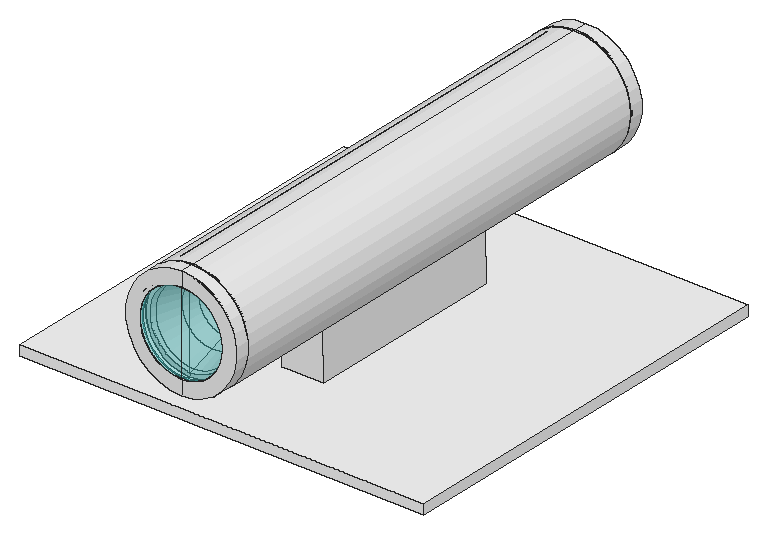
Revit family "BE_66516_de_DE", category Leuchten, Revit 2015
Parameters (values of type "BEGA_66516_Weiß_K4")
  built-in parameter 1150104 = 7.3607 (stored number, unit not read)
  Wattage = 26 W
  Default Elevation = 0 mm
  built-in parameter 1150113 = 1 (stored number, unit not read)
  built-in parameter 1114218 = 1 (stored number, unit not read)
  Umgebungstemperatur = "25 °C"
  URL = "http://www.bega.de/produkt/66516"
  Typenkommentare = "© 2016 BEGA. Wir behalten uns das Recht vor, technische Änderungen ohne vorherige Ankündigung vorzunehmen."  # constant formula
  Type Image = 66516.png
  built-in parameter 1150134 = 12
  built-in parameter 1150109 = 1 (stored number, unit not read)
  Strom = ""
  built-in parameter 1150110 = 1 (stored number, unit not read)
  Spannung = 239.996 V
  Sonderanfertigung = no
  Seriennummer [instance] = "Hier können Sie die eindeutige Seriennummer für das Facility Management eintragen."
  Schutzklasse = "I"
  Schutzart = "IP 65"
  Scheinlast = 0 VA
  Produktdatenblatt = "http://www.bega.de/download/Xrfa/db/66516.db.de.pdf"
  Oberflächentemperatur = ""
  Neigungswinkel = 0.00°
  Modell = "66516WK4"
  Material_17 = BEGA_Reflektor
  Material_15 = BEGA_Leuchtmedium_matt
  Material_09 = BEGA_Glas_klar
  Material_06 = BEGA_Oberfläche_Edelstahl_gebürstet
  Material_03 = BEGA_Oberfläche_Weiss_matt
  Material_02 = BEGA_Oberfläche_Silber_matt
  Material_01 [instance] = BEGA_Oberfläche_Grafit_matt
  M_W = yes
  M_G = no
  M_A = no
  Logo = 0
  built-in parameter 1114217 = 1 (stored number, unit not read)
  built-in parameter 1150139 = (empty or 0)
  built-in parameter 1150105 = 163.93 (stored number, unit not read)
  built-in parameter 1150114 = 1 (stored number, unit not read)
  Lumens = 2059.98 lm
  built-in parameter 1150115 = 1 (stored number, unit not read)
  Leuchtenlichtstrom = "1110 lm"
  Leuchtenanzahl = ""
  Lebensdauerkriterien = "L70 = 50.000 h"
  Lastklassifizierung = Beleuchtung
  built-in parameter 1150112 = 1 (stored number, unit not read)
  Lampenlichtstrom = "2060 lm"
  Lampe = "LED 26 W"
  LED_Modulbezeichnung = "2x LED-0221/840"
  built-in parameter 1150142 = (empty or 0)
  Hersteller = "BEGA"  # constant formula
  Halbstreuwinkel = ""
  Gewicht = "3.4 kg"
  Gebrauchslageneinschränkung [instance] = ""
  Frequenz = "0/50-60 Hz"
  Farbwiedergabeindex = "Ra > 80"
  Farbtemperaturverschiebung bei Dämpfen der Lampe = <Keine Auswahl>
  Farbtemperatur = "4000 K"
  Color Filter = 16777215
  built-in parameter 1150133 = 10 (stored number, unit not read)
  Energieeffizienzklasse = "LED A++ - A"
  built-in parameter 1150137 = (empty or 0)
  built-in parameter 1150132 = (empty or 0)
  ENEC = ""
  Datei für fotometrisches Netz = "BE_66516K4.IES"
  CE_Konformität = "ja"
  Bestellnummer = "66516WK4"
  Beschreibung_Sonderanfertigung = "Hier können Sie Informationen zur Sonderanfertigung eintragen."
  Beschreibung = "Wandleuchte"
  built-in parameter 1150106 = 1.6393 (stored number, unit not read)
  Befestigungsbohrung = "Ø 5,3 mm"
  Befestigungsabstand = "160 x 14 mm"
  Ballwurfsicher = ""
  BEGA_Intern_aus = yes
  BEGA_Intern_an = yes
  BEGA_Intern_Konstruktion = yes
  BEGA_Intern = yes
  BEGA_IES = yes
  BEGA_Dummy = no
  Anschlussleitung = ""
  Anschlussleistung [instance] = "30 W"
  built-in parameter 1150107 = 4000 (stored number, unit not read)
  built-in parameter 1150102 = (empty or 0)
  built-in parameter 1150138 = (empty or 0)
  Aktualisierung = "2016-06-21T04:10:22"
  Abstand_zur_angestrahlten_Fläche [instance] = ""
  AC/DC = "AC/DC"
Types (6, lengths in mm): name | built-in parameter 1150104 | built-in parameter 1150134 | Modell | M_W | M_G | M_A | built-in parameter 1150105 | Lumens | Leuchtenlichtstrom | Lampenlichtstrom | LED_Modulbezeichnung | Farbtemperatur | Datei für fotometrisches Netz | Bestellnummer | built-in parameter 1150106 | built-in parameter 1150107
  BEGA_66516_Grafit_K4 | 7.3607 (stored number, unit not read) | 12 | "66516K4" | no | yes | no | 163.93 (stored number, unit not read) | 2059.98 lm | "1110 lm" | "2060 lm" | "2x LED-0221/840" | "4000 K" | "BE_66516K4.IES" | "66516K4" | 1.6393 (stored number, unit not read) | 4000 (stored number, unit not read)
  BEGA_66516_Grafit_K3 | 6.7531 (stored number, unit not read) | (empty or 0) | "66516" | no | yes | no | 150.4 (stored number, unit not read) | 1889.94 lm | "1019 lm" | "1890 lm" | "2x LED-0221/830" | "3000 K" | "BE_66516.IES" | "66516" | 1.504 (stored number, unit not read) | 3000 (stored number, unit not read)
  BEGA_66516_Weiß_K4 | 7.3607 (stored number, unit not read) | 12 | "66516WK4" | yes | no | no | 163.93 (stored number, unit not read) | 2059.98 lm | "1110 lm" | "2060 lm" | "2x LED-0221/840" | "4000 K" | "BE_66516K4.IES" | "66516WK4" | 1.6393 (stored number, unit not read) | 4000 (stored number, unit not read)
  BEGA_66516_Weiß_K3 | 6.7531 (stored number, unit not read) | (empty or 0) | "66516W" | yes | no | no | 150.4 (stored number, unit not read) | 1889.94 lm | "1019 lm" | "1890 lm" | "2x LED-0221/830" | "3000 K" | "BE_66516.IES" | "66516W" | 1.504 (stored number, unit not read) | 3000 (stored number, unit not read)
  BEGA_66516_Silber_K4 | 7.3607 (stored number, unit not read) | 12 | "66516AK4" | no | no | yes | 163.93 (stored number, unit not read) | 2059.98 lm | "1110 lm" | "2060 lm" | "2x LED-0221/840" | "4000 K" | "BE_66516K4.IES" | "66516AK4" | 1.6393 (stored number, unit not read) | 4000 (stored number, unit not read)
  BEGA_66516_Silber_K3 | 6.7531 (stored number, unit not read) | (empty or 0) | "66516A" | no | no | yes | 150.4 (stored number, unit not read) | 1889.94 lm | "1019 lm" | "1890 lm" | "2x LED-0221/830" | "3000 K" | "BE_66516.IES" | "66516A" | 1.504 (stored number, unit not read) | 3000 (stored number, unit not read)
Reference planes
  plane 1 "Mitte (Vorne/Hinten)": y = 0
  plane 2: z = 0
  plane 3 "Mitte (Links/Rechts)": x = 0
  plane 4 "Links": x = -55
  plane 5 "Rechts": x = 55
  plane 6 "Unten": y = -249.991
  plane 7 "Oben": y = 250
  plane 8 "Vorne": z = 157.5
Forms (mm)
  Extrusion 1, solid, material "BEGA_Platte_Weiss"
    sketch origin (0, -1119.2, 0) x (1, 0, 0) y (0, 1, 0)
      loop
        line (-200, 1319.2) -> (-200, 919.2) -> (200, 919.2) -> (200, 1319.2) -> (-200, 1319.2)
    from 0 to -10
  Extrusion 2, solid, material "BEGA_Dummy_matt", visible <- "BEGA_Dummy"
    sketch origin (80.095, -76.023, 0) x (1, 0, 0) y (0, 1, 0)
      loop
        line (-135.095, 326.023) -> (-135.095, -173.977) -> (-25.095, -173.977) -> (-25.095, 326.023) -> (-135.095, 326.023)
    from 0 to 157.5
Dimensions and locks
  plane 1 "Mitte (Vorne/Hinten)" to Extrusion 1 = 200 mm
  aligned and locked: plane 2 to Extrusion 1
  aligned and locked: level to Extrusion 1
Nested families
  nested 1: "BE_66516_Wandleuchte" at (0, 0, 0), type "BE_66516_Wandleuchte"
    with Neigungswinkel_um_Y2 0.00°, Neigungswinkel_um_Y1 0.00°, Neigungswinkel_um_X2 0.00°, Neigungswinkel_um_X1 0.00°, Drehwinkel_um_Z2 0.00°, Drehwinkel_um_Z1 0.00°, BEGA_Neigng_Y2 0.00°, BEGA_Neigng_Y1 0.00°, BEGA_Neigng_X2 0.00°, BEGA_Neigng_X1 0.00°, BEGA_Infotext_Winkel no
Connectors
  electrical at (0, 0, 0), driven by "Lastklassifizierung", driven by "Spannung", driven by "Scheinlast"
    settings: index 1, voltage 239.996 V, apparent load 0 VA, apparent load phase1 0 VA, apparent load phase2 0 VA, apparent load phase3 0 VA, power factor 1, load classification "Beleuchtung", number of poles 1, system type 31, power factor state 1, is connector primary yes, connector utility no, sub classification motor no, connector description ""
Definition of nested family "BE_66516_Wandleuchte"
  Parameters (values of type "BE_66516_Wandleuchte")
    Default Elevation = 1 mm
    URL = "http://www.bega.de/de/produkt"
    Type Comments = "© 2015 BEGA. Wir behalten uns das Recht vor, technische Änderungen ohne vorherige Ankündigung vorzunehmen. "  # constant formula
    Type Image = Bega_Revit_Typenbild_78x78.png
    Neigungswinkel_um_Y2 [instance] = 0.00°
    Neigungswinkel_um_Y1 [instance] = 0.00°
    Neigungswinkel_um_X2 [instance] = 0.00°
    Neigungswinkel_um_X1 [instance] = 0.00°
    Material_17 = none
    Material_15 = none
    Material_09 = none
    Material_03 = none
    Material_02 = none
    Material_01 = none
    M_W = yes
    M_G = yes
    M_A = yes
    Länge_Platte = 200 mm  # constant formula
    Höhe_Platte = -10 mm  # constant formula
    Manufacturer = "BEGA"  # constant formula
    Drehwinkel_um_Z2 [instance] = 0.00°
    Drehwinkel_um_Z1 [instance] = 0.00°
    Breite_Platte = 200 mm  # constant formula
    BEGA_Neigng_Y2 [instance] = if(Neigungswinkel_um_Y2 < -30.00°, -30.00°, if(Neigungswinkel_um_Y2 > 30.00°, 30.00°, Neigungswinkel_um_Y2))  # 0.00°
    BEGA_Neigng_Y1 [instance] = if(Neigungswinkel_um_X2 < -30.00°, -30.00°, if(Neigungswinkel_um_X2 > 30.00°, 30.00°, Neigungswinkel_um_X2))  # 0.00°
    BEGA_Neigng_X2 [instance] = if(Neigungswinkel_um_Y1 < -30.00°, -30.00°, if(Neigungswinkel_um_Y1 > 30.00°, 30.00°, Neigungswinkel_um_Y1))  # 0.00°
    BEGA_Neigng_X1 [instance] = if(Neigungswinkel_um_X1 < -30.00°, -30.00°, if(Neigungswinkel_um_X1 > 30.00°, 30.00°, Neigungswinkel_um_X1))  # 0.00°
    BEGA_Infotext_Winkel [instance] = if(or(Neigungswinkel_um_X1 < -30.00°, Neigungswinkel_um_X1 > 30.00°, Neigungswinkel_um_X2 < -30.00°, Neigungswinkel_um_X2 > 30.00°, Neigungswinkel_um_Y1 < -30.00°, Neigungswinkel_um_Y1 > 30.00°, Neigungswinkel_um_Y2 < -30.00°, Neigungswinkel_um_Y2 > 30.00°), 1 < 2, 1 > 2)  # no
    Aktualisierung = "Stand: 25.03.2015"  # constant formula
  Reference planes
    plane 1 "Mitte (Vorne/Hinten)": y = 0
    plane 2: z = 0
    plane 3 "Mitte (Links/Rechts)": x = 0
    plane 4 "Befestigung Links": x = -55
    plane 5 "Befestigung Rechts": x = 55
    plane 6: z = 157.5
    plane 7: y = 250
    plane 8: y = -249.991
  Forms (mm)
    Extrusion 1, solid, detail levels medium
      sketch origin (0, 0, 0) x (1, 0, 0) y (0, 1, 0)
        loop
          line (-100, 100) -> (-100, -100) -> (100, -100) -> (100, 100) -> (-100, 100)
      from 0 to -10 <- "Höhe_Platte"
    Extrusion 2, solid, material <- "Material_01", visible <- "M_G", detail levels medium+fine
      sketch origin (0, 0, 0) x (1, 0, 0) y (0, 0, 1)
        loop
          line (20.847, 0) -> (20, 48.5) -> (17.678, 50.822)
          arc (17.678, 50.822) -> (16.556, 49.768) -> (15.372, 48.785) r 25
          arc (15.372, 48.785) -> (0.121, 43.5) -> (-15.18, 48.636) r 25
          arc (-15.18, 48.636) -> (-16.465, 49.688) -> (-17.678, 50.822) r 25
          line (-17.678, 50.822) -> (-20, 48.5) -> (-20.847, 0) -> (20.847, 0)
      from -100 to 100
    Extrusion 3, void
      sketch origin (0, 0, 0) x (1, 0, 0) y (0, 1, 0)
        loop
          line (-15.384, 71.433) -> (-15.384, -71.433) -> (15.384, -71.433) -> (15.384, 71.433) -> (-15.384, 71.433)
      from 0 to 11.465
    Extrusion 4, void
      sketch origin (0, 0, 0) x (0, 1, 0) y (0, 0, 1)
        loop
          line (87.516, 43) -> (-87.53, 43) -> (-86.5, 13.501) -> (86.501, 13.501) -> (87.516, 43)
      from -13.32 to 13.455
    Extrusion 5, void
      sketch origin (0, 0, 0) x (1, 0, 0) y (0, 1, 0)
        loop
          circle (7, -80) r 2.65
        loop
          circle (-7, 80) r 2.65
      from 0 to 13.5
    Extrusion 6, void
      sketch origin (0, 0, 0) x (1, 0, 0) y (0, 1, 0)
        loop
          circle (-7, 80) r 5.5
        loop
          circle (7, -80) r 5.5
      from 3.965 to 13.5
    Extrusion 7, void
      sketch origin (0, 0, 0) x (1, 0, 0) y (0, 1, 0)
        loop
          circle (0, 57.191) r 8.5
        loop
          circle (0, 24) r 8.5
      from 11.465 to 13.5
    Revolve 8, solid, material <- "Material_09", detail levels medium+fine
      sketch origin (0, 0, 0) x (0, 1, 0) y (0, 0, 1)
        loop
          line (250, 102.5) -> (250, 143.2) -> (246, 143.2) -> (246, 145.75) -> (240, 145.75) -> (240, 102.5) -> (250, 102.5)
        axis (240, 102.5) -> (250, 102.5)
      angle from 0 to 360
    Revolve 9, solid, material <- "Material_09", detail levels medium+fine
      sketch origin (0, 0, 0) x (0, -1, 0) y (0, 0, 1)
        loop
          line (250, 102.5) -> (250, 143.2) -> (246, 143.2) -> (246, 145.75) -> (240, 145.75) -> (240, 102.5) -> (250, 102.5)
        axis (240, 102.5) -> (250, 102.5)
      angle from 0 to 360
    Revolve 10, solid, material <- "Material_17", detail levels medium+fine
      sketch origin (0, 0, 0) x (0, 1, 0) y (0, 0, 1)
        loop
          line (179.656, 110) -> (180.22, 116.443)
          arc (180.22, 116.443) -> (188.873, 122.105) -> (198.109, 126.756) r 91.573
          arc (198.109, 126.756) -> (205.26, 129.762) -> (212.48, 132.596) r 323.555
          arc (212.48, 132.596) -> (223.888, 136.638) -> (235.46, 140.186) r 281.579
          arc (235.46, 140.186) -> (237.729, 140.848) -> (240, 141.5) r 514.681
          line (240, 141.5) -> (240, 145.25) -> (239.138, 145.25) -> (239.138, 141.774) -> (236.064, 140.884)
          arc (236.064, 140.884) -> (227.608, 138.33) -> (219.214, 135.579) r 378.531
          arc (219.214, 135.579) -> (208.24, 131.549) -> (197.446, 127.061) r 278.266
          arc (197.446, 127.061) -> (188.09, 122.269) -> (179.357, 116.419) r 90.068
          line (179.357, 116.419) -> (178.795, 110) -> (179.656, 110)
        axis (178.795, 102.5) -> (240, 102.5)
      angle from 0 to 360
    Revolve 11, solid, material <- "Material_17", detail levels medium+fine
      sketch origin (0, 0, 0) x (0, -1, 0) y (0, 0, 1)
        loop
          line (179.656, 110) -> (180.22, 116.443)
          arc (180.22, 116.443) -> (188.873, 122.105) -> (198.109, 126.756) r 91.573
          arc (198.109, 126.756) -> (205.26, 129.762) -> (212.48, 132.596) r 323.555
          arc (212.48, 132.596) -> (223.888, 136.638) -> (235.46, 140.186) r 281.579
          arc (235.46, 140.186) -> (237.729, 140.848) -> (240, 141.5) r 514.681
          line (240, 141.5) -> (240, 145.25) -> (239.138, 145.25) -> (239.138, 141.774) -> (236.064, 140.884)
          arc (236.064, 140.884) -> (227.608, 138.33) -> (219.214, 135.579) r 378.531
          arc (219.214, 135.579) -> (208.24, 131.549) -> (197.446, 127.061) r 278.266
          arc (197.446, 127.061) -> (188.09, 122.269) -> (179.357, 116.419) r 90.068
          line (179.357, 116.419) -> (178.795, 110) -> (179.656, 110)
        axis (178.795, 102.5) -> (240, 102.5)
      angle from 0 to 360
    Revolve 12, solid, material <- "Material_15", detail levels medium+fine
      sketch origin (0, 0, 0) x (0, 1, 0) y (0, 0, 1)
        loop
          line (179.656, 102.5) -> (179.656, 110) -> (178.795, 110) -> (178.795, 102.5) -> (179.656, 102.5)
        axis (178.795, 102.5) -> (179.795, 102.5)
      angle from 0 to 360
    Revolve 13, solid, material <- "Material_15", detail levels medium+fine
      sketch origin (0, 0, 0) x (0, -1, 0) y (0, 0, 1)
        loop
          line (179.656, 102.5) -> (179.656, 110) -> (178.795, 110) -> (178.795, 102.5) -> (179.656, 102.5)
        axis (178.795, 102.5) -> (179.795, 102.5)
      angle from 0 to 360
    Revolve 14, solid, material <- "Material_01", visible <- "M_G", detail levels medium+fine
      sketch origin (0, 0, 0) x (0, 1, 0) y (0, 0, 1)
        loop
          line (235.5, 157.5) -> (-235.491, 157.5) -> (-235.491, 155.25) -> (-238.991, 155.25) -> (-238.991, 154) -> (239, 154) -> (239, 155.25) -> (235.5, 155.25) -> (235.5, 157.5)
        axis (-238.991, 102.5) -> (239, 102.5)
      angle from 0 to 360
    Revolve 15, solid, material <- "Material_01", visible <- "M_G", detail levels medium+fine
      sketch origin (0, 0, 0) x (0, 1, 0) y (0, 0, 1)
        loop
          line (250, 157.523) -> (237, 157.75) -> (237, 155.75) -> (239, 155.715) -> (239, 153.905)
          arc (239, 153.905) -> (239.287, 153.204) -> (239.984, 152.905) r 1
          line (239.984, 152.905) -> (246, 152.8) -> (246, 147.526) -> (247.5, 147.5) -> (247.5, 143.719) -> (250, 143.5) -> (250, 157.523)
        axis (237, 102.5) -> (250, 102.5)
      angle from 0 to 360
    Revolve 16, solid, material <- "Material_01", visible <- "M_G", detail levels medium+fine
      sketch origin (0, 0, 0) x (0, -1, 0) y (0, 0, 1)
        loop
          line (250, 157.523) -> (237, 157.75) -> (237, 155.75) -> (239, 155.715) -> (239, 153.905)
          arc (239, 153.905) -> (239.287, 153.204) -> (239.984, 152.905) r 1
          line (239.984, 152.905) -> (246, 152.8) -> (246, 147.526) -> (247.5, 147.5) -> (247.5, 143.719) -> (250, 143.5) -> (250, 157.523)
        axis (237, 102.5) -> (250, 102.5)
      angle from 0 to 360
    Extrusion 17, solid, material <- "Material_02", visible <- "M_A", detail levels medium+fine
      sketch origin (0, 0, 0) x (1, 0, 0) y (0, 0, 1)
        loop
          line (20.847, 0) -> (20, 48.5) -> (17.678, 50.822)
          arc (17.678, 50.822) -> (16.556, 49.768) -> (15.372, 48.785) r 25
          arc (15.372, 48.785) -> (0.121, 43.5) -> (-15.18, 48.636) r 25
          arc (-15.18, 48.636) -> (-16.465, 49.688) -> (-17.678, 50.822) r 25
          line (-17.678, 50.822) -> (-20, 48.5) -> (-20.847, 0) -> (20.847, 0)
      from -100 to 100
    Revolve 18, solid, material <- "Material_02", visible <- "M_A", detail levels medium+fine
      sketch origin (0, 0, 0) x (0, 1, 0) y (0, 0, 1)
        loop
          line (235.5, 157.5) -> (-235.491, 157.5) -> (-235.491, 155.25) -> (-238.991, 155.25) -> (-238.991, 154) -> (239, 154) -> (239, 155.25) -> (235.5, 155.25) -> (235.5, 157.5)
        axis (-238.991, 102.5) -> (239, 102.5)
      angle from 0 to 360
    Revolve 19, solid, material <- "Material_02", visible <- "M_A", detail levels medium+fine
      sketch origin (0, 0, 0) x (0, 1, 0) y (0, 0, 1)
        loop
          line (250, 157.523) -> (237, 157.75) -> (237, 155.75) -> (239, 155.715) -> (239, 153.905)
          arc (239, 153.905) -> (239.287, 153.204) -> (239.984, 152.905) r 1
          line (239.984, 152.905) -> (246, 152.8) -> (246, 147.526) -> (247.5, 147.5) -> (247.5, 143.719) -> (250, 143.5) -> (250, 157.523)
        axis (237, 102.5) -> (250, 102.5)
      angle from 0 to 360
    Revolve 20, solid, material <- "Material_02", visible <- "M_A", detail levels medium+fine
      sketch origin (0, 0, 0) x (0, -1, 0) y (0, 0, 1)
        loop
          line (250, 157.523) -> (237, 157.75) -> (237, 155.75) -> (239, 155.715) -> (239, 153.905)
          arc (239, 153.905) -> (239.287, 153.204) -> (239.984, 152.905) r 1
          line (239.984, 152.905) -> (246, 152.8) -> (246, 147.526) -> (247.5, 147.5) -> (247.5, 143.719) -> (250, 143.5) -> (250, 157.523)
        axis (237, 102.5) -> (250, 102.5)
      angle from 0 to 360
    Extrusion 21, solid, material <- "Material_03", visible <- "M_W", detail levels medium+fine
      sketch origin (0, 0, 0) x (1, 0, 0) y (0, 0, 1)
        loop
          line (20.847, 0) -> (20, 48.5) -> (17.678, 50.822)
          arc (17.678, 50.822) -> (16.556, 49.768) -> (15.372, 48.785) r 25
          arc (15.372, 48.785) -> (0.121, 43.5) -> (-15.18, 48.636) r 25
          arc (-15.18, 48.636) -> (-16.465, 49.688) -> (-17.678, 50.822) r 25
          line (-17.678, 50.822) -> (-20, 48.5) -> (-20.847, 0) -> (20.847, 0)
      from -100 to 100
    Revolve 22, solid, material <- "Material_03", visible <- "M_W", detail levels medium+fine
      sketch origin (0, 0, 0) x (0, 1, 0) y (0, 0, 1)
        loop
          line (235.5, 157.5) -> (-235.491, 157.5) -> (-235.491, 155.25) -> (-238.991, 155.25) -> (-238.991, 154) -> (239, 154) -> (239, 155.25) -> (235.5, 155.25) -> (235.5, 157.5)
        axis (-238.991, 102.5) -> (239, 102.5)
      angle from 0 to 360
    Revolve 23, solid, material <- "Material_03", visible <- "M_W", detail levels medium+fine
      sketch origin (0, 0, 0) x (0, 1, 0) y (0, 0, 1)
        loop
          line (250, 157.523) -> (237, 157.75) -> (237, 155.75) -> (239, 155.715) -> (239, 153.905)
          arc (239, 153.905) -> (239.287, 153.204) -> (239.984, 152.905) r 1
          line (239.984, 152.905) -> (246, 152.8) -> (246, 147.526) -> (247.5, 147.5) -> (247.5, 143.719) -> (250, 143.5) -> (250, 157.523)
        axis (237, 102.5) -> (250, 102.5)
      angle from 0 to 360
    Revolve 24, solid, material <- "Material_03", visible <- "M_W", detail levels medium+fine
      sketch origin (0, 0, 0) x (0, -1, 0) y (0, 0, 1)
        loop
          line (250, 157.523) -> (237, 157.75) -> (237, 155.75) -> (239, 155.715) -> (239, 153.905)
          arc (239, 153.905) -> (239.287, 153.204) -> (239.984, 152.905) r 1
          line (239.984, 152.905) -> (246, 152.8) -> (246, 147.526) -> (247.5, 147.5) -> (247.5, 143.719) -> (250, 143.5) -> (250, 157.523)
        axis (237, 102.5) -> (250, 102.5)
      angle from 0 to 360
  Cuts and joins
    Extrusion 3, Extrusion 4, Extrusion 5, Extrusion 6, Extrusion 7 cuts Extrusion 2
    joined: Revolve 15, Revolve 16
    joined: Revolve 8, Revolve 9
    joined: Revolve 10, Revolve 11
    joined: Revolve 12, Revolve 13
    Extrusion 3, Extrusion 5, Extrusion 7 cuts Extrusion 17
    Extrusion 3, Extrusion 5, Extrusion 7 cuts Extrusion 21
  Dimensions and locks
    equal spacing: Extrusion 1 sketch curve, plane 3 "Mitte (Links/Rechts)", Extrusion 1 sketch curve
    equal spacing: Extrusion 1 sketch curve, plane 1 "Mitte (Vorne/Hinten)", Extrusion 1 sketch curve
    "Länge_Platte": Extrusion 1 sketch curve to Extrusion 1 sketch curve
    "Breite_Platte": Extrusion 1 sketch curve to Extrusion 1 sketch curve
    plane 1 "Mitte (Vorne/Hinten)" to Extrusion 1 = 100 mm  (x3)
    aligned and locked: Extrusion 1 to plane 2
    aligned and locked: Extrusion 1 to level
  Automatic sketch dimensions
    Extrusion 2 sketch curve to Extrusion 2 sketch curve = 0 mm  (x7)
    Extrusion 2 sketch curve to level = 0 mm
    Extrusion 2 sketch curve to plane 3 "Mitte (Links/Rechts)" = 0 mm
    Extrusion 2 sketch curve to plane 3 "Mitte (Links/Rechts)" = 17.678 mm
    Extrusion 2 sketch curve to Extrusion 2 sketch curve = 2.322 mm  (x3)
    Extrusion 2 sketch curve to plane 3 "Mitte (Links/Rechts)" = 20.847 mm
    plane 3 "Mitte (Links/Rechts)" to Extrusion 2 sketch curve = 17.678 mm
    plane 3 "Mitte (Links/Rechts)" to Extrusion 2 sketch curve = 20.847 mm
    level to Extrusion 2 sketch curve = 48.5 mm
    Extrusion 2 sketch curve to Extrusion 2 sketch curve = 17.678 mm
    Extrusion 2 sketch curve to Extrusion 2 sketch curve = 2.498 mm
    Extrusion 2 sketch curve to Extrusion 2 sketch curve = 2.306 mm
    Extrusion 3 sketch curve to plane 3 "Mitte (Links/Rechts)" = 15.384 mm
    plane 3 "Mitte (Links/Rechts)" to Extrusion 3 sketch curve = 15.384 mm
    plane 1 "Mitte (Vorne/Hinten)" to Extrusion 3 sketch curve = 71.433 mm
    Extrusion 3 sketch curve to plane 1 "Mitte (Vorne/Hinten)" = 71.433 mm
    level to Extrusion 4 sketch curve = 13.501 mm
    Extrusion 4 sketch curve to Extrusion 4 sketch curve = 1.03 mm
    Extrusion 4 sketch curve to Extrusion 4 sketch curve = 1.014 mm
    Extrusion 4 sketch curve to Extrusion 4 sketch curve = 29.499 mm
    Extrusion 5 sketch curve to plane 3 "Mitte (Links/Rechts)" = 7 mm
    plane 3 "Mitte (Links/Rechts)" to Extrusion 5 sketch curve = 7 mm
    Extrusion 6 sketch curve to plane 3 "Mitte (Links/Rechts)" = 7 mm
    plane 3 "Mitte (Links/Rechts)" to Extrusion 6 sketch curve = 7 mm
    Extrusion 7 sketch curve to plane 3 "Mitte (Links/Rechts)" = 0 mm  (x2)
    Extrusion 7 sketch curve to plane 1 "Mitte (Vorne/Hinten)" = 24 mm
    Extrusion 7 sketch curve to Extrusion 7 sketch curve = 33.19 mm
    Revolve 8 sketch curve to Revolve 8 sketch curve = 6 mm
    Revolve 8 sketch curve to Revolve 8 sketch curve = 10 mm
    Revolve 8 sketch curve to Revolve 8 sketch curve = 0 mm
    Revolve 8 sketch curve to Revolve 8 sketch curve = 40.7 mm
    Revolve 8 sketch curve to Revolve 8 sketch curve = 2.55 mm
    Revolve 8 sketch curve to Revolve 8 sketch curve = 0.199 mm
    Revolve 9 sketch curve to Revolve 9 sketch curve = 6 mm
    Revolve 9 sketch curve to Revolve 9 sketch curve = 10 mm
    Revolve 9 sketch curve to Revolve 9 sketch curve = 40.7 mm
    Revolve 9 sketch curve to Revolve 9 sketch curve = 2.55 mm
    Revolve 9 sketch curve to Revolve 9 sketch curve = 0.199 mm
    Revolve 10 sketch curve to Revolve 10 sketch curve = 0.562 mm
    Revolve 10 sketch curve to Revolve 10 sketch curve = 0.861 mm
    Revolve 10 sketch curve to Revolve 10 sketch curve = 0.863 mm
    Revolve 10 sketch curve to Revolve 10 sketch curve = 0.847 mm
    Revolve 10 sketch curve to Revolve 10 sketch curve = 3.074 mm
    Revolve 10 sketch curve to Revolve 10 sketch curve = 0.862 mm
    Revolve 10 sketch curve to Revolve 10 sketch curve = 2.56 mm
    Revolve 10 sketch curve to Revolve 10 sketch curve = 14.866 mm
    Revolve 10 sketch curve to Revolve 10 sketch curve = 14.213 mm
    Revolve 10 sketch curve to Revolve 10 sketch curve = 39.524 mm
    Revolve 10 sketch curve to Revolve 10 sketch curve = 3.15 mm
    Revolve 10 sketch curve to Revolve 10 sketch curve = 39.255 mm
    Revolve 10 sketch curve to Revolve 10 sketch curve = 52.741 mm
    Revolve 10 sketch curve to Revolve 10 sketch curve = 130.817 mm
    level to Revolve 10 sketch curve = 42.77 mm
    Revolve 10 sketch curve to Revolve 10 sketch curve = 1.868 mm
    Revolve 10 sketch curve to Revolve 10 sketch curve = 7.5 mm
    Revolve 10 sketch curve to Revolve 10 sketch curve = 6.419 mm
    Revolve 10 sketch curve to Revolve 10 sketch curve = 0.024 mm
    Revolve 10 sketch curve to Revolve 10 sketch curve = 14.129 mm
    Revolve 10 sketch curve to Revolve 10 sketch curve = 0.615 mm
    Revolve 10 sketch curve to Revolve 10 sketch curve = 0.274 mm
    Revolve 10 sketch curve to Revolve 10 sketch curve = 3.476 mm
    Revolve 10 sketch curve to Revolve 10 sketch curve = 0 mm  (x3)
    Revolve 10 sketch curve to Revolve 10 sketch curve = 9.801 mm
    Revolve 11 sketch curve to Revolve 11 sketch curve = 0.562 mm
    Revolve 11 sketch curve to Revolve 11 sketch curve = 0.861 mm
    Revolve 11 sketch curve to Revolve 11 sketch curve = 0.863 mm
    Revolve 11 sketch curve to Revolve 11 sketch curve = 0.847 mm
    Revolve 11 sketch curve to Revolve 11 sketch curve = 3.074 mm
    Revolve 11 sketch curve to Revolve 11 sketch curve = 0.862 mm
    Revolve 11 sketch curve to Revolve 11 sketch curve = 2.56 mm
    Revolve 11 sketch curve to Revolve 11 sketch curve = 14.866 mm
    Revolve 11 sketch curve to Revolve 11 sketch curve = 14.213 mm
    Revolve 11 sketch curve to Revolve 11 sketch curve = 39.524 mm
    Revolve 11 sketch curve to Revolve 11 sketch curve = 3.15 mm
    Revolve 11 sketch curve to Revolve 11 sketch curve = 39.255 mm
    Revolve 11 sketch curve to Revolve 11 sketch curve = 52.741 mm
    Revolve 11 sketch curve to Revolve 11 sketch curve = 130.817 mm
    Revolve 11 sketch curve to level = 42.77 mm
    Revolve 11 sketch curve to Revolve 11 sketch curve = 1.868 mm
    Revolve 11 sketch curve to Revolve 11 sketch curve = 65.361 mm
    Revolve 11 sketch curve to Revolve 11 sketch curve = 6.419 mm
    Revolve 11 sketch curve to Revolve 11 sketch curve = 0.024 mm
    Revolve 11 sketch curve to Revolve 11 sketch curve = 14.129 mm
    Revolve 11 sketch curve to Revolve 11 sketch curve = 0.615 mm
    Revolve 11 sketch curve to Revolve 11 sketch curve = 0.274 mm
    Revolve 11 sketch curve to Revolve 11 sketch curve = 3.476 mm
    Revolve 11 sketch curve to Revolve 11 sketch curve = 0 mm  (x3)
    Revolve 11 sketch curve to Revolve 11 sketch curve = 9.801 mm
    Revolve 12 sketch curve to Revolve 12 sketch curve = 0.861 mm
    Revolve 12 sketch curve to Revolve 12 sketch curve = 0 mm
    Revolve 12 sketch curve to Revolve 12 sketch curve = 7.5 mm
    Revolve 13 sketch curve to Revolve 13 sketch curve = 0.861 mm
    Revolve 13 sketch curve to Revolve 13 sketch curve = 7.5 mm
    Revolve 14 sketch curve to Revolve 14 sketch curve = 3.5 mm  (x2)
    Revolve 14 sketch curve to Revolve 14 sketch curve = 1.25 mm  (x2)
    Revolve 14 sketch curve to Revolve 14 sketch curve = 2.25 mm
    Revolve 15 sketch curve to Revolve 15 sketch curve = 2 mm  (x2)
    Revolve 15 sketch curve to Revolve 15 sketch curve = 0.984 mm
    Revolve 15 sketch curve to Revolve 15 sketch curve = 1 mm
    Revolve 15 sketch curve to Revolve 15 sketch curve = 6.016 mm
    Revolve 15 sketch curve to Revolve 15 sketch curve = 1.5 mm
    Revolve 15 sketch curve to Revolve 15 sketch curve = 4 mm
    Revolve 15 sketch curve to Revolve 15 sketch curve = 41 mm
    Revolve 15 sketch curve to Revolve 15 sketch curve = 0.219 mm
    Revolve 15 sketch curve to Revolve 15 sketch curve = 3.781 mm
    Revolve 15 sketch curve to Revolve 15 sketch curve = 0.026 mm
    Revolve 15 sketch curve to Revolve 15 sketch curve = 5.274 mm
    Revolve 15 sketch curve to Revolve 15 sketch curve = 0.105 mm
    Revolve 15 sketch curve to Revolve 15 sketch curve = 1.81 mm
    Revolve 15 sketch curve to Revolve 15 sketch curve = 0.035 mm
    Revolve 15 sketch curve to Revolve 15 sketch curve = 4.723 mm
    Revolve 15 sketch curve to Revolve 15 sketch curve = 0.199 mm
    Revolve 16 sketch curve to Revolve 16 sketch curve = 2 mm  (x2)
    Revolve 16 sketch curve to Revolve 16 sketch curve = 0.984 mm
    Revolve 16 sketch curve to Revolve 16 sketch curve = 1 mm
    Revolve 16 sketch curve to Revolve 16 sketch curve = 6.016 mm
    Revolve 16 sketch curve to Revolve 16 sketch curve = 1.5 mm
    Revolve 16 sketch curve to Revolve 16 sketch curve = 4 mm
    Revolve 16 sketch curve to Revolve 16 sketch curve = 0.219 mm
    Revolve 16 sketch curve to Revolve 16 sketch curve = 3.781 mm
    Revolve 16 sketch curve to Revolve 16 sketch curve = 0.026 mm
    Revolve 16 sketch curve to Revolve 16 sketch curve = 5.274 mm
    Revolve 16 sketch curve to Revolve 16 sketch curve = 0.105 mm
    Revolve 16 sketch curve to Revolve 16 sketch curve = 1.81 mm
    Revolve 16 sketch curve to Revolve 16 sketch curve = 0.035 mm
    Revolve 16 sketch curve to Revolve 16 sketch curve = 4.723 mm
    Revolve 16 sketch curve to Revolve 16 sketch curve = 0.199 mm
    Revolve 16 sketch curve to Revolve 16 sketch curve = 41 mm
    Revolve 9 sketch curve to level = 102.5 mm  (x2)
    Revolve 11 sketch curve to level = 102.5 mm
    Revolve 13 sketch curve to level = 102.5 mm  (x2)
    Revolve 14 sketch curve to Revolve 14 sketch curve = 51.5 mm
    Revolve 16 sketch curve to level = 143.5 mm
    Revolve 10 sketch curve to plane 6 = 16.616 mm
    Revolve 10 sketch curve to Revolve 10 sketch curve = 23.584 mm
    Revolve 12 sketch curve to Revolve 12 sketch curve = 70.144 mm
    Revolve 14 sketch curve to Revolve 14 sketch curve = 10.801 mm
    Extrusion 4 sketch curve to plane 1 "Mitte (Vorne/Hinten)" = 86.501 mm
    Extrusion 5 sketch curve to plane 1 "Mitte (Vorne/Hinten)" = 80 mm
    Extrusion 6 sketch curve to plane 1 "Mitte (Vorne/Hinten)" = 80 mm
    Revolve 8 sketch curve to plane 1 "Mitte (Vorne/Hinten)" = 240 mm
    plane 1 "Mitte (Vorne/Hinten)" to Revolve 9 sketch curve = 249.8 mm
    Revolve 10 sketch curve to plane 1 "Mitte (Vorne/Hinten)" = 178.795 mm
    Revolve 10 sketch curve to Revolve 10 sketch curve = 54.105 mm
    plane 1 "Mitte (Vorne/Hinten)" to Revolve 11 sketch curve = 249.8 mm
    Revolve 12 sketch curve to plane 1 "Mitte (Vorne/Hinten)" = 178.795 mm
    plane 1 "Mitte (Vorne/Hinten)" to Revolve 13 sketch curve = 249.8 mm
    Revolve 14 sketch curve to plane 1 "Mitte (Vorne/Hinten)" = 235.5 mm
    Revolve 15 sketch curve to plane 1 "Mitte (Vorne/Hinten)" = 237 mm
    plane 1 "Mitte (Vorne/Hinten)" to Revolve 16 sketch curve = 249.8 mm
    plane 6 to Revolve 11 sketch curve = 16.616 mm
    Revolve 11 sketch curve to Revolve 11 sketch curve = 23.584 mm
    Revolve 13 sketch curve to Revolve 13 sketch curve = 70.144 mm
    Revolve 14 sketch curve to Revolve 14 sketch curve = 10.809 mm
    plane 1 "Mitte (Vorne/Hinten)" to Extrusion 4 sketch curve = 86.5 mm
    plane 1 "Mitte (Vorne/Hinten)" to Extrusion 5 sketch curve = 80 mm
    plane 1 "Mitte (Vorne/Hinten)" to Extrusion 6 sketch curve = 80 mm
    plane 1 "Mitte (Vorne/Hinten)" to Revolve 8 sketch curve = 249.8 mm
    Revolve 9 sketch curve to plane 1 "Mitte (Vorne/Hinten)" = 240 mm
    plane 1 "Mitte (Vorne/Hinten)" to Revolve 10 sketch curve = 249.8 mm
    Revolve 11 sketch curve to plane 1 "Mitte (Vorne/Hinten)" = 178.795 mm
    Revolve 11 sketch curve to Revolve 11 sketch curve = 54.105 mm
    plane 1 "Mitte (Vorne/Hinten)" to Revolve 12 sketch curve = 249.8 mm
    Revolve 13 sketch curve to plane 1 "Mitte (Vorne/Hinten)" = 178.795 mm
    plane 1 "Mitte (Vorne/Hinten)" to Revolve 14 sketch curve = 235.491 mm
    plane 1 "Mitte (Vorne/Hinten)" to Revolve 15 sketch curve = 249.8 mm
    Revolve 16 sketch curve to plane 1 "Mitte (Vorne/Hinten)" = 237 mm
    Revolve 10 sketch curve to Revolve 10 sketch curve = 37.954 mm
    Revolve 11 sketch curve to Revolve 11 sketch curve = 37.954 mm
    Revolve 8 sketch curve to plane 6 = 55 mm
    Revolve 10 sketch curve to Revolve 10 sketch curve = 55.844 mm
    Revolve 12 sketch curve to plane 6 = 55 mm
    Revolve 14 sketch curve to plane 6 = 0 mm
    Revolve 15 sketch curve to plane 6 = 14 mm
    Extrusion 17 sketch curve to Extrusion 17 sketch curve = 0 mm  (x7)
    Extrusion 17 sketch curve to level = 0 mm
    Extrusion 17 sketch curve to plane 3 "Mitte (Links/Rechts)" = 0 mm
    Extrusion 17 sketch curve to plane 3 "Mitte (Links/Rechts)" = 17.678 mm
    Extrusion 17 sketch curve to Extrusion 17 sketch curve = 2.322 mm  (x3)
    Extrusion 17 sketch curve to plane 3 "Mitte (Links/Rechts)" = 20.847 mm
    plane 3 "Mitte (Links/Rechts)" to Extrusion 17 sketch curve = 17.678 mm
    plane 3 "Mitte (Links/Rechts)" to Extrusion 17 sketch curve = 20.847 mm
    level to Extrusion 17 sketch curve = 48.5 mm
    Extrusion 17 sketch curve to Extrusion 17 sketch curve = 17.678 mm
    Extrusion 17 sketch curve to Extrusion 17 sketch curve = 2.498 mm
    Extrusion 17 sketch curve to Extrusion 17 sketch curve = 2.306 mm
    Revolve 18 sketch curve to plane 6 = 0 mm
    Revolve 18 sketch curve to plane 6 = 3.5 mm
    plane 8 to Revolve 18 sketch curve = 11 mm
    Revolve 18 sketch curve to Revolve 18 sketch curve = 3.5 mm  (x2)
    Revolve 18 sketch curve to plane 7 = 14.5 mm
    Revolve 18 sketch curve to Revolve 18 sketch curve = 2.25 mm
    Revolve 18 sketch curve to Revolve 18 sketch curve = 1.25 mm
    plane 8 to Revolve 18 sketch curve = 0.191 mm
    Revolve 18 sketch curve to plane 7 = 0.2 mm
    Revolve 18 sketch curve to Revolve 18 sketch curve = 51.5 mm
    Revolve 19 sketch curve to plane 6 = 1.75 mm
    Revolve 19 sketch curve to plane 7 = 13 mm
    Revolve 19 sketch curve to Revolve 19 sketch curve = 2 mm
    Revolve 19 sketch curve to Revolve 19 sketch curve = 0.984 mm
    Revolve 19 sketch curve to Revolve 19 sketch curve = 1 mm
    Revolve 19 sketch curve to plane 7 = 4 mm
    Revolve 19 sketch curve to plane 7 = 2.5 mm
    Revolve 19 sketch curve to plane 7 = 0 mm
    Revolve 19 sketch curve to plane 6 = 1.785 mm
    Revolve 19 sketch curve to Revolve 19 sketch curve = 1.81 mm
    Revolve 19 sketch curve to plane 6 = 4.7 mm
    Revolve 19 sketch curve to Revolve 19 sketch curve = 5.274 mm
    Revolve 19 sketch curve to Revolve 19 sketch curve = 0.026 mm
    Revolve 19 sketch curve to Revolve 19 sketch curve = 3.781 mm
    Revolve 19 sketch curve to Revolve 19 sketch curve = 0.219 mm
    plane 6 to Revolve 19 sketch curve = 0.023 mm
    plane 6 to Revolve 19 sketch curve = 0.25 mm
    plane 8 to Revolve 19 sketch curve = 0.191 mm
    Revolve 19 sketch curve to plane 7 = 0.2 mm
    Revolve 19 sketch curve to Revolve 19 sketch curve = 41 mm
    plane 6 to Revolve 20 sketch curve = 1.75 mm
    Revolve 20 sketch curve to plane 8 = 12.991 mm
    Revolve 20 sketch curve to Revolve 20 sketch curve = 2 mm
    Revolve 20 sketch curve to Revolve 20 sketch curve = 0.984 mm
    Revolve 20 sketch curve to Revolve 20 sketch curve = 1 mm
    Revolve 20 sketch curve to plane 8 = 3.991 mm
    Revolve 20 sketch curve to plane 8 = 2.491 mm
    plane 8 to Revolve 20 sketch curve = 0.009 mm
    plane 6 to Revolve 20 sketch curve = 1.785 mm
    Revolve 20 sketch curve to Revolve 20 sketch curve = 1.81 mm
    plane 6 to Revolve 20 sketch curve = 4.7 mm
    Revolve 20 sketch curve to Revolve 20 sketch curve = 5.274 mm
    Revolve 20 sketch curve to Revolve 20 sketch curve = 0.026 mm
    Revolve 20 sketch curve to Revolve 20 sketch curve = 3.781 mm
    Revolve 20 sketch curve to Revolve 20 sketch curve = 0.219 mm
    Revolve 20 sketch curve to plane 6 = 0.023 mm
    Revolve 20 sketch curve to plane 6 = 0.25 mm
    plane 7 to Revolve 20 sketch curve = 0.2 mm
    Revolve 20 sketch curve to plane 8 = 0.191 mm
    Revolve 20 sketch curve to Revolve 20 sketch curve = 41 mm
    Extrusion 21 sketch curve to Extrusion 21 sketch curve = 0 mm  (x7)
    Extrusion 21 sketch curve to level = 0 mm
    Extrusion 21 sketch curve to plane 3 "Mitte (Links/Rechts)" = 0 mm
    Extrusion 21 sketch curve to plane 3 "Mitte (Links/Rechts)" = 17.678 mm
    Extrusion 21 sketch curve to Extrusion 21 sketch curve = 2.322 mm  (x3)
    Extrusion 21 sketch curve to plane 3 "Mitte (Links/Rechts)" = 20.847 mm
    plane 3 "Mitte (Links/Rechts)" to Extrusion 21 sketch curve = 17.678 mm
    plane 3 "Mitte (Links/Rechts)" to Extrusion 21 sketch curve = 20.847 mm
    level to Extrusion 21 sketch curve = 48.5 mm
    Extrusion 21 sketch curve to Extrusion 21 sketch curve = 17.678 mm
    Extrusion 21 sketch curve to Extrusion 21 sketch curve = 2.498 mm
    Extrusion 21 sketch curve to Extrusion 21 sketch curve = 2.306 mm
    Revolve 22 sketch curve to plane 6 = 0 mm
    Revolve 22 sketch curve to plane 6 = 3.5 mm
    plane 8 to Revolve 22 sketch curve = 11 mm
    Revolve 22 sketch curve to Revolve 22 sketch curve = 3.5 mm  (x2)
    Revolve 22 sketch curve to plane 7 = 14.5 mm
    Revolve 22 sketch curve to Revolve 22 sketch curve = 2.25 mm
    Revolve 22 sketch curve to Revolve 22 sketch curve = 1.25 mm
    plane 8 to Revolve 22 sketch curve = 0.191 mm
    Revolve 22 sketch curve to plane 7 = 0.2 mm
    Revolve 22 sketch curve to Revolve 22 sketch curve = 51.5 mm
    Revolve 23 sketch curve to plane 6 = 1.75 mm
    Revolve 23 sketch curve to plane 7 = 13 mm
    Revolve 23 sketch curve to Revolve 23 sketch curve = 2 mm
    Revolve 23 sketch curve to Revolve 23 sketch curve = 0.984 mm
    Revolve 23 sketch curve to Revolve 23 sketch curve = 1 mm
    Revolve 23 sketch curve to plane 7 = 4 mm
    Revolve 23 sketch curve to plane 7 = 2.5 mm
    Revolve 23 sketch curve to plane 7 = 0 mm
    Revolve 23 sketch curve to plane 6 = 1.785 mm
    Revolve 23 sketch curve to Revolve 23 sketch curve = 1.81 mm
    Revolve 23 sketch curve to plane 6 = 4.7 mm
    Revolve 23 sketch curve to Revolve 23 sketch curve = 5.274 mm
    Revolve 23 sketch curve to Revolve 23 sketch curve = 0.026 mm
    Revolve 23 sketch curve to Revolve 23 sketch curve = 3.781 mm
    Revolve 23 sketch curve to Revolve 23 sketch curve = 0.219 mm
    plane 6 to Revolve 23 sketch curve = 0.023 mm
    plane 6 to Revolve 23 sketch curve = 0.25 mm
    plane 8 to Revolve 23 sketch curve = 0.191 mm
    Revolve 23 sketch curve to plane 7 = 0.2 mm
    Revolve 23 sketch curve to Revolve 23 sketch curve = 41 mm
    plane 6 to Revolve 24 sketch curve = 1.75 mm
    Revolve 24 sketch curve to plane 8 = 12.991 mm
    Revolve 24 sketch curve to Revolve 24 sketch curve = 2 mm
    Revolve 24 sketch curve to Revolve 24 sketch curve = 0.984 mm
    Revolve 24 sketch curve to Revolve 24 sketch curve = 1 mm
    Revolve 24 sketch curve to plane 8 = 3.991 mm
    Revolve 24 sketch curve to plane 8 = 2.491 mm
    plane 8 to Revolve 24 sketch curve = 0.009 mm
    plane 6 to Revolve 24 sketch curve = 1.785 mm
    Revolve 24 sketch curve to Revolve 24 sketch curve = 1.81 mm
    plane 6 to Revolve 24 sketch curve = 4.7 mm
    Revolve 24 sketch curve to Revolve 24 sketch curve = 5.274 mm
    Revolve 24 sketch curve to Revolve 24 sketch curve = 0.026 mm
    Revolve 24 sketch curve to Revolve 24 sketch curve = 3.781 mm
    Revolve 24 sketch curve to Revolve 24 sketch curve = 0.219 mm
    Revolve 24 sketch curve to plane 6 = 0.023 mm
    Revolve 24 sketch curve to plane 6 = 0.25 mm
    plane 7 to Revolve 24 sketch curve = 0.2 mm
    Revolve 24 sketch curve to plane 8 = 0.191 mm
    Revolve 24 sketch curve to Revolve 24 sketch curve = 41 mm
    radius of Extrusion 5 sketch curve = 2.65 mm  (x2)
    radius of Extrusion 6 sketch curve = 5.5 mm  (x2)
    radius of Extrusion 7 sketch curve = 8.5 mm  (x2)
